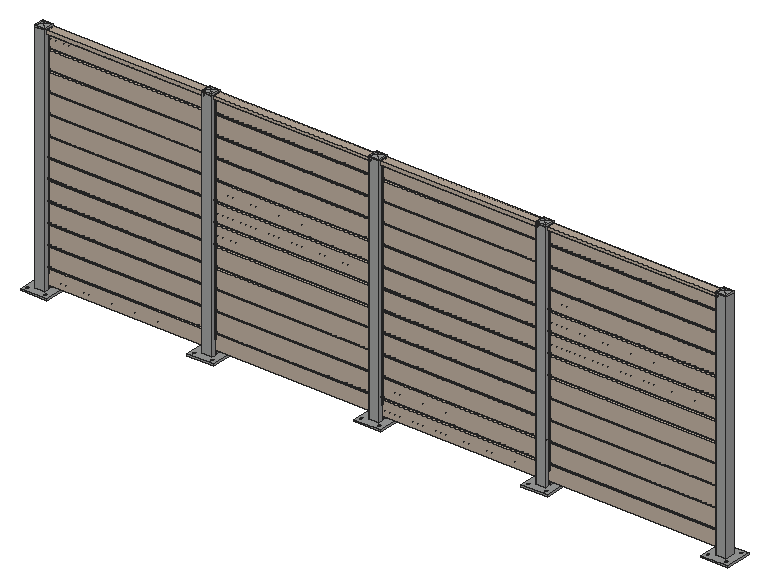
Revit family "Palmshield-Mercury-Solid-Aluminum-Array", category Specialty Equipment, Revit 2024
Family settings
  Round Connector Dimension = Use Diameter
  Part Type = Normal
  OmniClass Number = 23.55.00.00
  OmniClass Title = Manufactured Structures
  Enable Cutting in Views = No
  Cut with Voids When Loaded = No
  Maintain Annotation Orientation = No
  Shared = No
  Room Calculation Point = No
Parameters (values of type "Assembly")
  Warranty URL = "https://palmshieldlouvers.com/wp-content/uploads/2020/01/PalmSHIELD-Warranty-NO-SIGN-LINE.pdf"
  Version = "2020 - v1.0a"  # constant formula
  URL = "https://palmshieldlouvers.com/"
  Type Comments = ""
  Right Post UP [instance] = yes
  Right Post Position [instance] = 3
  Right Post Description [instance] = if(Right Post Position = 1, "Middle Post", if(Right Post Position = 2, "Corner Post", if(Right Post Position = 3, "End Post", "Not a Valid Option")))  # "End Post"
  Right Post DOWN [instance] = not(Right Post UP)  # no
  Left Post UP [instance] = yes
  Left Post Position [instance] = 3
  Left Post DOWN [instance] = not(Left Post UP)  # no
  C Left Post Position [instance] = if(and(Left Post UP, Left Post Position = 2), 3, if(and(Left Post DOWN, Left Post Position = 2), 4, if(Left Post Position = 3, 2, Left Post Position)))  # 2
  Left Post Description [instance] = if(Left Post Position = 1, "Middle Post", if(Left Post Position = 2, "Corner Post", if(Left Post Position = 3, "End Post", "Not a Valid Option")))  # "End Post"
  Left Post [instance] = yes
  Product Page URL = "https://palmshieldlouvers.com/products/augustus-solid/"
  Product Documentation Link = "https://palmshieldlouvers.com/wp-content/uploads/2020/05/PalmSHIELD-Solid-Composite-Technical-Data-Sheet.pdf"
  Post Finish = Metal - PalmSHIELD - Dusty Grey
  Panel Width [instance] = if(Desired Panel Width > C Max Panel Width, C Max Panel Width, if(Desired Panel Width < C Min Panel Width, C Min Panel Width, Desired Panel Width))  # 4' - 0"
  Panel Height [instance] = if(Desired Panel Height > C Max Panel Height, C Max Panel Height, if(Desired Panel Height < C Min Panel Height, C Min Panel Height, Desired Panel Height))  # 6' - 0"
  Model = "Augustus - Aluminum"  # constant formula
  Manufacturer Phone Number = "531-329-4406 "  # constant formula
  Manufacturer Email = "mailto: info@palmshieldlouvers.com"
  Manufacturer Address = "12330 Cary Circle, La Vista, NE 68128"  # constant formula
  Manufacturer = "PalmSHIELD"  # constant formula
  Louver Finsh = Metal - PalmSHIELD - Grey Beige
  Keynote = "05 10 00"
  Instruction Sheet Link = "https://palmshieldlouvers.com/wp-content/uploads/2020/01/PalmSHIELD-Post-Panel-Gate-Installation-Instructions-REV-1.pdf"
  ID [instance] = "Not Assigned"
  Frame Finish = Metal - PalmSHIELD - Dusty Grey
  Filler Panel [instance] = yes
  C Right Post Position [instance] = if(and(Right Post UP, Right Post Position = 2), 3, if(and(Right Post DOWN, Right Post Position = 2), 4, if(Right Post Position = 3, 2, Right Post Position)))  # 2
  Right Post [instance] = yes
  Desired Panel Width [instance] = 4' - 0"
  Desired Panel Height [instance] = 6' - 0"
  Real Length [instance] = if(system length 1 < (C Post Width + C Min Panel Width), (C Post Width + C Min Panel Width), system length 1)  # 17' - 4"
  Description = "Augustus - Aluminum - Panel Assembly"  # constant formula
  system length 1 [instance] = 17' - 4"
  Copyright = "Copyright ©2024 The American Fence Company and PalmSHIELD. All Rights Reserved."  # constant formula
  Component Name [instance] = "Augustus - Aluminum - Panel Assembly"  # constant formula
  C Single Post [instance] = if(C Condition Double, 1 = 1, if(and(Right Post, C Condition Single), 1 = 1, 1 = 0))  # no
  C Single Panel [instance] = or(C Condition Double, C Condition Single)  # no
  C Post Width [instance] = 0' - 3"  # constant formula
  C Multiple Post [instance] = (C Condition Multiple)  # yes
  C Multiple Panels [instance] = (C Condition Multiple)  # yes
  C Min Panel Width [instance] = 4' - 0"  # constant formula
  C Min Panel Height [instance] = C Min Panel Width  # 4' - 0"
  C Max Panel Width [instance] = 6' - 0"  # constant formula
  C Max Panel Height [instance] = 8' - 0"  # constant formula
  C Filler Post [instance] = and(not(C Condition Single), Filler Panel, Right Post, or(C Filler Panel Width = C Min Panel Width, C Filler Panel Width > C Min Panel Width))  # yes
  C Filler Panel Width Calculated [instance] = Real Length - C Calculated Total Length - Panel Width - C Post Width  # 4' - 4"
  C Filler Panel Width [instance] = if(C Filler Panel Width Calculated < C Min Panel Width, C Min Panel Width, if(C Filler Panel Width Calculated > C Max Panel Width, C Max Panel Width, C Filler Panel Width Calculated))  # 4' - 4"
  C Filler Panel [instance] = and(not(C Condition Single), Filler Panel, or(C Filler Panel Width = C Min Panel Width, C Filler Panel Width > C Min Panel Width))  # yes
  C Condition Single [instance] = C Array Count < 1  # no
  C Condition Multiple [instance] = C Array Count > 1  # yes
  C Condition Double [instance] = C Array Count = 1  # no
  C Complete Post [instance] = and(not(C Condition Single), not(Filler Panel), Right Post)  # no
  C Complete Panel [instance] = and(not(C Condition Single), not(Filler Panel))  # no
  C Calculated Total Length [instance] = if(C Array Count < 1, 0' 0", if(C Array Count = 1, C Post Width, Panel Width * (C Array Safe - 1) + C Post Width * (C Array Safe)))  # 8' - 9"
  C Calculated Filler Panel Length [instance] = if(C Array Count < 1, 0' 0", if(or(C Array Count = 2, C Array Count = 1), C Post Width, if(Filler Panel, (C Calculated Total Length - C Post Width - C Filler Panel Width), (C Calculated Total Length - C Post Width - Panel Width))))  # 4' - 2"
  C Array Safe [instance] = if(C Array Count < 2, 2, C Array Count)  # 3
  C Array Count [instance] = if(Filler Panel, roundup(((Real Length - C Min Panel Width) / (Panel Width + C Post Width)) - 1), roundup(((Real Length - (Panel Width)) / (Panel Width + C Post Width)) - 1))  # 3
  Assembly Code = "F1020100"
Reference planes (in)
  plane 1 "Center (Front/Back)": y = 0
  plane 2: z = 0
  plane 3 "Left": x = 0
  plane 4 "Right": x = 208
  plane 5 "Top": z = 72
  plane 6: x = 48
  plane 7: x = 51
  plane 8: x = 99
  plane 9: x = 102
  plane 10: x = -3
  plane 11: x = 153
  plane 12: x = 47
  plane 13: x = 205
  plane 14: x = 201
  plane 15: x = -1.5
  plane 16: x = 208
  plane 17: x = 206.5
  plane 18: x = 202.5
  plane 19: x = 204
  plane 20: x = 49.5
  plane 21: x = 100.5
  plane 22: y = -1.5
  plane 23: y = 1.5
Lines and regions (in)
  reference lines
    curve 1: line (0, 0, 0) -> (208, 0, 0)
Dimensions and locks (in)
  "system length 1": plane 3 "Left" to plane 4 "Right"
  "Panel Width": plane 6 to plane 3 "Left"
  "C Post Width": plane 7 to plane 6
  "Panel Width": plane 8 to plane 7
  "C Post Width": plane 9 to plane 8
  "C Post Width": plane 3 "Left" to plane 10
  "C Calculated Filler Panel Length": plane 12 to plane 10
  "C Filler Panel Width": plane 13 to plane 11
  "Panel Width": plane 14 to plane 11
  "C Calculated Total Length": plane 11 to plane 6
  equal spacing: plane 10, plane 15, plane 3 "Left"
  equal spacing: plane 16, plane 17, plane 13
  "C Post Width": plane 16 to plane 13
  equal spacing: plane 19, plane 18, plane 14
  "C Post Width": plane 19 to plane 14
  equal spacing: plane 9, plane 21, plane 8
  equal spacing: plane 7, plane 20, plane 6
  equal spacing: plane 22, plane 1 "Center (Front/Back)", plane 23
  "C Post Width": plane 22 to plane 23
  "Panel Height": plane 5 "Top" to level
  equal spacing: group 1, group 2, group 3  (x3)
  equal spacing: group 4, group 5, group 6  (x3)
  aligned and locked: plane 4 "Right" to curve 1
  aligned and locked: plane 1 "Center (Front/Back)" to curve 1
  aligned and locked: plane 3 "Left" to curve 1
  aligned and locked: level to plane 2
  aligned and locked: plane 3 "Left" to nested 1
  aligned and locked: nested 3 to plane 14
  aligned and locked: plane 1 "Center (Front/Back)" to nested 5
  aligned and locked: plane 1 "Center (Front/Back)" to nested 4
  aligned and locked: plane 1 "Center (Front/Back)" to nested 7
  aligned and locked: plane 17 to nested 5
  aligned and locked: plane 18 to nested 4
  aligned and locked: plane 20 to nested 7
  aligned and locked: plane 15 to nested 8
  aligned and locked: nested 8 to plane 1 "Center (Front/Back)"
  aligned and locked: plane 1 "Center (Front/Back)" to nested 6
  aligned and locked: plane 3 "Left" to nested 6
  aligned and locked: plane 11 to nested 2
  aligned and locked: plane 1 "Center (Front/Back)" to nested 2
  aligned and locked: plane 7 to nested 11
  aligned and locked: plane 1 "Center (Front/Back)" to nested 11
  aligned and locked: plane 1 "Center (Front/Back)" to nested 1
  aligned and locked: plane 1 "Center (Front/Back)" to nested 3
  aligned and locked: nested 69 to plane 1 "Center (Front/Back)"
  aligned and locked: plane 20 to nested 69
  aligned and locked: nested 73 to plane 1 "Center (Front/Back)"
  aligned and locked: plane 21 to nested 73
Nested families (in)
  nested 1: "Screening-Louver-Assembly-Panel-Palmshield-Mercury_Economic-Solid-Aluminum" at (0, 0, 0), Desired Overall Height <- "Panel Height", Desired Overall Width <- "Panel Width", visible <- "C Single Panel", Component Vis <- "C Single Panel", ID <- "ID", type ""
    with Width 4' - 0", ID "Not Assigned", Height 6' - 0", Desired Overall Width 4' - 0", Desired Overall Height 6' - 0", Desired Bottom Angle 0.00°, Component Vis no, Component Name "Mercury Economic Solid - Aluminum - Panel Assembly", C Min Width 4' - 0", C Min Height 4' - 0", C Max Width 6' - 0", C Max Height 8' - 0", C Angle 0.00°
  nested 2: "Screening-Louver-Assembly-Panel-Palmshield-Mercury_Economic-Solid-Aluminum" at (153, 0, 0), Desired Overall Height <- "Panel Height", Desired Overall Width <- "C Filler Panel Width", visible <- "C Filler Panel", Component Vis <- "C Filler Panel", ID <- "ID", type ""
    with Width 4' - 4", ID "Not Assigned", Height 6' - 0", Desired Overall Width 4' - 4", Desired Overall Height 6' - 0", Desired Bottom Angle 0.00°, Component Vis yes, Component Name "Mercury Economic Solid - Aluminum - Panel Assembly", C Min Width 4' - 0", C Min Height 4' - 0", C Max Width 6' - 0", C Max Height 8' - 0", C Angle 0.00°
  nested 3: "Screening-Louver-Assembly-Panel-Palmshield-Mercury_Economic-Solid-Aluminum" at (153, 0, 0), Desired Overall Height <- "Panel Height", Desired Overall Width <- "Panel Width", visible <- "C Complete Panel", Component Vis <- "C Complete Panel", ID <- "ID", type ""
    with Width 4' - 0", ID "Not Assigned", Height 6' - 0", Desired Overall Width 4' - 0", Desired Overall Height 6' - 0", Desired Bottom Angle 0.00°, Component Vis no, Component Name "Mercury Economic Solid - Aluminum - Panel Assembly", C Min Width 4' - 0", C Min Height 4' - 0", C Max Width 6' - 0", C Max Height 8' - 0", C Angle 0.00°
  nested 4: "Screening-Louver-Assembly-Post-Palmshield-Mercury_Economic-Solid" at (202.5, 0, 0), Desired Overall Height <- "Panel Height", visible <- "C Complete Post", Component Vis <- "C Complete Post", ID <- "ID", type ""
    with Post Position 1, ID "Not Assigned", Height 6' - 0", Desired Overall Height 6' - 0", Component Vis no, Component Name "Mercury Economic Solid - Aluminum - Square Post", C Min Height 3' - 4", C Max Height 8' - 0"
  nested 5: "Screening-Louver-Assembly-Post-Palmshield-Mercury_Economic-Solid" at (206.5, 0, 0), Desired Overall Height <- "Panel Height", visible <- "C Filler Post", Component Vis <- "C Filler Post", ID <- "ID", Post Position <- "C Right Post Position", type ""
    with Post Position 2, ID "Not Assigned", Height 6' - 0", Desired Overall Height 6' - 0", Component Vis yes, Component Name "Mercury Economic Solid - Aluminum - Square Post", C Min Height 3' - 4", C Max Height 8' - 0"
  nested 6: "Screening-Louver-Assembly-Panel-Palmshield-Mercury_Economic-Solid-Aluminum" at (0, 0, 0), Desired Overall Height <- "Panel Height", Desired Overall Width <- "Panel Width", visible <- "C Multiple Panels", Component Vis <- "C Multiple Panels", ID <- "ID", type "Assembly"
    with Width 4' - 0", ID "Not Assigned", Height 6' - 0", Desired Overall Width 4' - 0", Desired Overall Height 6' - 0", Desired Bottom Angle 0.00°, Component Vis yes, Component Name "Mercury Economic Solid - Aluminum - Panel Assembly", C Min Width 4' - 0", C Min Height 4' - 0", C Max Width 6' - 0", C Max Height 8' - 0", C Angle 0.00°
  nested 7: "Screening-Louver-Assembly-Post-Palmshield-Mercury_Economic-Solid" at (49.5, 0, 0), Desired Overall Height <- "Panel Height", visible <- "C Single Post", Component Vis <- "C Single Post", ID <- "ID", type ""
    with Post Position 1, ID "Not Assigned", Height 6' - 0", Desired Overall Height 6' - 0", Component Vis no, Component Name "Mercury Economic Solid - Aluminum - Square Post", C Min Height 3' - 4", C Max Height 8' - 0"
  nested 8: "Screening-Louver-Assembly-Post-Palmshield-Mercury_Economic-Solid" at (-1.5, 0, 0) x (-1, 0, 0) z (0, 0, 1), Desired Overall Height <- "Panel Height", visible <- "Left Post", Component Vis <- "Left Post", ID <- "ID", type ""
    with Post Position 1, ID "Not Assigned", Height 6' - 0", Desired Overall Height 6' - 0", Component Vis yes, Component Name "Mercury Economic Solid - Aluminum - Square Post", C Min Height 3' - 4", C Max Height 8' - 0"
  nested 9: "Nested-Base_Plate-Palmshield-Mercury_Economic-Solid-Vinyl" at (-1.5, 0, 0) x (-1, 0, 0) z (0, 0, 1), type ""
    with Material Metal - PalmSHIELD - Dusty Grey, ID "Not Assigned", Component Name "Mercury Economic Solid - Aluminum - Base Plate"
  nested 10: "Nested-Top_Cap-Palmshield-Mercury_Economic-Solid-Vinyl" at (-1.5, 0, 72) x (-1, 0, 0) z (0, 0, 1), type ""
    with Material Metal - PalmSHIELD - Dusty Grey, ID "Not Assigned", Component Name "Mercury Economic Solid - Aluminum - Top Cap"
  nested 11: "Screening-Louver-Assembly-Panel-Palmshield-Mercury_Economic-Solid-Aluminum" at (51, 0, 0), Desired Overall Height <- "Panel Height", Desired Overall Width <- "Panel Width", visible <- "C Multiple Panels", Component Vis <- "C Multiple Panels", ID <- "ID", type "Assembly"
    with Width 4' - 0", ID "Not Assigned", Height 6' - 0", Desired Overall Width 4' - 0", Desired Overall Height 6' - 0", Desired Bottom Angle 0.00°, Component Vis yes, Component Name "Mercury Economic Solid - Aluminum - Panel Assembly", C Min Width 4' - 0", C Min Height 4' - 0", C Max Width 6' - 0", C Max Height 8' - 0", C Angle 0.00°
  nested 12: "Nested-Louvers-Palmshield-Mercury_Economic-Solid-Aluminum" at (50.5, 0, 6.625) x (0, 1, 0) z (1, 0, 0), type ""
    with Material Metal - PalmSHIELD - Grey Beige, Length 4' - 1", ID "Not Assigned", Field Cut no, Desired Cut Distance 0' - 1 3/4", Component Name "Mercury Economic Solid - Aluminum - Louvers", C Cut Distance 0' - 0 3/4"
  nested 13: "Nested-Louvers-Palmshield-Mercury_Economic-Solid-Aluminum" at (50.5, 0, 36.625) x (0, 1, 0) z (1, 0, 0), type ""
    with Material Metal - PalmSHIELD - Grey Beige, Length 4' - 1", ID "Not Assigned", Field Cut no, Desired Cut Distance 0' - 1 3/4", Component Name "Mercury Economic Solid - Aluminum - Louvers", C Cut Distance 0' - 0 3/4"
  nested 14: "Nested-Louvers-Palmshield-Mercury_Economic-Solid-Aluminum" at (50.5, 0, 42.625) x (0, 1, 0) z (1, 0, 0), type ""
    with Material Metal - PalmSHIELD - Grey Beige, Length 4' - 1", ID "Not Assigned", Field Cut no, Desired Cut Distance 0' - 1 3/4", Component Name "Mercury Economic Solid - Aluminum - Louvers", C Cut Distance 0' - 0 3/4"
  nested 15: "Nested-Louvers-Palmshield-Mercury_Economic-Solid-Aluminum" at (50.5, 0, 48.625) x (0, 1, 0) z (1, 0, 0), type ""
    with Material Metal - PalmSHIELD - Grey Beige, Length 4' - 1", ID "Not Assigned", Field Cut no, Desired Cut Distance 0' - 1 3/4", Component Name "Mercury Economic Solid - Aluminum - Louvers", C Cut Distance 0' - 0 3/4"
  nested 16: "Nested-Louvers-Palmshield-Mercury_Economic-Solid-Aluminum" at (50.5, 0, 54.625) x (0, 1, 0) z (1, 0, 0), type ""
    with Material Metal - PalmSHIELD - Grey Beige, Length 4' - 1", ID "Not Assigned", Field Cut no, Desired Cut Distance 0' - 1 3/4", Component Name "Mercury Economic Solid - Aluminum - Louvers", C Cut Distance 0' - 0 3/4"
  nested 17: "Nested-Louvers-Palmshield-Mercury_Economic-Solid-Aluminum" at (50.5, 0, 60.625) x (0, 1, 0) z (1, 0, 0), type ""
    with Material Metal - PalmSHIELD - Grey Beige, Length 4' - 1", ID "Not Assigned", Field Cut no, Desired Cut Distance 0' - 1 3/4", Component Name "Mercury Economic Solid - Aluminum - Louvers", C Cut Distance 0' - 0 3/4"
  nested 18: "Nested-U_Channel-Palmshield-Mercury_Economic-Solid-Aluminum" at (50.5, 0, 72) x (0, 1, 0) z (1, 0, 0), type ""
    with Material Metal - PalmSHIELD - Grey Beige, Length 4' - 1", ID "Not Assigned", Component Name "Mercury Economic Solid - Aluminum - U Channel"
  nested 19: "Nested-Louvers-Palmshield-Mercury_Economic-Solid-Aluminum" at (50.5, 0, 66.625) x (0, 1, 0) z (1, 0, 0), type ""
    with Material Metal - PalmSHIELD - Grey Beige, Length 4' - 1", ID "Not Assigned", Field Cut yes, Desired Cut Distance 0' - 2 5/8", Component Name "Mercury Economic Solid - Aluminum - Louvers", C Cut Distance 0' - 2 5/8"
  nested 20: "Nested-Louvers-Palmshield-Mercury_Economic-Solid-Aluminum" at (50.5, 0, 6.625) x (0, -1, 0) z (1, 0, 0), type ""
    with Material Metal - PalmSHIELD - Grey Beige, Length 4' - 1", ID "Not Assigned", Field Cut yes, Desired Cut Distance 0' - 2 3/8", Component Name "Mercury Economic Solid - Aluminum - Louvers", C Cut Distance 0' - 2 3/8"
  nested 21: "Nested-Louvers-Palmshield-Mercury_Economic-Solid-Aluminum" at (-0.5, 0, 6.625) x (0, 1, 0) z (1, 0, 0), type ""
    with Material Metal - PalmSHIELD - Grey Beige, Length 4' - 1", ID "Not Assigned", Field Cut no, Desired Cut Distance 0' - 1 3/4", Component Name "Mercury Economic Solid - Aluminum - Louvers", C Cut Distance 0' - 0 3/4"
  nested 22: "Nested-Louvers-Palmshield-Mercury_Economic-Solid-Aluminum" at (-0.5, 0, 36.625) x (0, 1, 0) z (1, 0, 0), type ""
    with Material Metal - PalmSHIELD - Grey Beige, Length 4' - 1", ID "Not Assigned", Field Cut no, Desired Cut Distance 0' - 1 3/4", Component Name "Mercury Economic Solid - Aluminum - Louvers", C Cut Distance 0' - 0 3/4"
  nested 23: "Nested-Louvers-Palmshield-Mercury_Economic-Solid-Aluminum" at (-0.5, 0, 42.625) x (0, 1, 0) z (1, 0, 0), type ""
    with Material Metal - PalmSHIELD - Grey Beige, Length 4' - 1", ID "Not Assigned", Field Cut no, Desired Cut Distance 0' - 1 3/4", Component Name "Mercury Economic Solid - Aluminum - Louvers", C Cut Distance 0' - 0 3/4"
  nested 24: "Nested-Louvers-Palmshield-Mercury_Economic-Solid-Aluminum" at (-0.5, 0, 48.625) x (0, 1, 0) z (1, 0, 0), type ""
    with Material Metal - PalmSHIELD - Grey Beige, Length 4' - 1", ID "Not Assigned", Field Cut no, Desired Cut Distance 0' - 1 3/4", Component Name "Mercury Economic Solid - Aluminum - Louvers", C Cut Distance 0' - 0 3/4"
  nested 25: "Nested-Louvers-Palmshield-Mercury_Economic-Solid-Aluminum" at (-0.5, 0, 54.625) x (0, 1, 0) z (1, 0, 0), type ""
    with Material Metal - PalmSHIELD - Grey Beige, Length 4' - 1", ID "Not Assigned", Field Cut no, Desired Cut Distance 0' - 1 3/4", Component Name "Mercury Economic Solid - Aluminum - Louvers", C Cut Distance 0' - 0 3/4"
  nested 26: "Nested-Louvers-Palmshield-Mercury_Economic-Solid-Aluminum" at (-0.5, 0, 60.625) x (0, 1, 0) z (1, 0, 0), type ""
    with Material Metal - PalmSHIELD - Grey Beige, Length 4' - 1", ID "Not Assigned", Field Cut no, Desired Cut Distance 0' - 1 3/4", Component Name "Mercury Economic Solid - Aluminum - Louvers", C Cut Distance 0' - 0 3/4"
  nested 27: "Nested-U_Channel-Palmshield-Mercury_Economic-Solid-Aluminum" at (-0.5, 0, 72) x (0, 1, 0) z (1, 0, 0), type ""
    with Material Metal - PalmSHIELD - Grey Beige, Length 4' - 1", ID "Not Assigned", Component Name "Mercury Economic Solid - Aluminum - U Channel"
  nested 28: "Nested-Louvers-Palmshield-Mercury_Economic-Solid-Aluminum" at (-0.5, 0, 66.625) x (0, 1, 0) z (1, 0, 0), type ""
    with Material Metal - PalmSHIELD - Grey Beige, Length 4' - 1", ID "Not Assigned", Field Cut yes, Desired Cut Distance 0' - 2 5/8", Component Name "Mercury Economic Solid - Aluminum - Louvers", C Cut Distance 0' - 2 5/8"
  nested 29: "Nested-Louvers-Palmshield-Mercury_Economic-Solid-Aluminum" at (-0.5, 0, 6.625) x (0, -1, 0) z (1, 0, 0), type ""
    with Material Metal - PalmSHIELD - Grey Beige, Length 4' - 1", ID "Not Assigned", Field Cut yes, Desired Cut Distance 0' - 2 3/8", Component Name "Mercury Economic Solid - Aluminum - Louvers", C Cut Distance 0' - 2 3/8"
  nested 30: "Nested-Louvers-Palmshield-Mercury_Economic-Solid-Aluminum" at (152.5, 0, 6.625) x (0, 1, 0) z (1, 0, 0), type ""
    with Material Metal - PalmSHIELD - Grey Beige, Length 4' - 5", ID "Not Assigned", Field Cut no, Desired Cut Distance 0' - 1 3/4", Component Name "Mercury Economic Solid - Aluminum - Louvers", C Cut Distance 0' - 0 3/4"
  nested 31: "Nested-Louvers-Palmshield-Mercury_Economic-Solid-Aluminum" at (152.5, 0, 36.625) x (0, 1, 0) z (1, 0, 0), type ""
    with Material Metal - PalmSHIELD - Grey Beige, Length 4' - 5", ID "Not Assigned", Field Cut no, Desired Cut Distance 0' - 1 3/4", Component Name "Mercury Economic Solid - Aluminum - Louvers", C Cut Distance 0' - 0 3/4"
  nested 32: "Nested-Louvers-Palmshield-Mercury_Economic-Solid-Aluminum" at (152.5, 0, 42.625) x (0, 1, 0) z (1, 0, 0), type ""
    with Material Metal - PalmSHIELD - Grey Beige, Length 4' - 5", ID "Not Assigned", Field Cut no, Desired Cut Distance 0' - 1 3/4", Component Name "Mercury Economic Solid - Aluminum - Louvers", C Cut Distance 0' - 0 3/4"
  nested 33: "Nested-Louvers-Palmshield-Mercury_Economic-Solid-Aluminum" at (152.5, 0, 48.625) x (0, 1, 0) z (1, 0, 0), type ""
    with Material Metal - PalmSHIELD - Grey Beige, Length 4' - 5", ID "Not Assigned", Field Cut no, Desired Cut Distance 0' - 1 3/4", Component Name "Mercury Economic Solid - Aluminum - Louvers", C Cut Distance 0' - 0 3/4"
  nested 34: "Nested-Louvers-Palmshield-Mercury_Economic-Solid-Aluminum" at (152.5, 0, 54.625) x (0, 1, 0) z (1, 0, 0), type ""
    with Material Metal - PalmSHIELD - Grey Beige, Length 4' - 5", ID "Not Assigned", Field Cut no, Desired Cut Distance 0' - 1 3/4", Component Name "Mercury Economic Solid - Aluminum - Louvers", C Cut Distance 0' - 0 3/4"
  nested 35: "Nested-Louvers-Palmshield-Mercury_Economic-Solid-Aluminum" at (152.5, 0, 60.625) x (0, 1, 0) z (1, 0, 0), type ""
    with Material Metal - PalmSHIELD - Grey Beige, Length 4' - 5", ID "Not Assigned", Field Cut no, Desired Cut Distance 0' - 1 3/4", Component Name "Mercury Economic Solid - Aluminum - Louvers", C Cut Distance 0' - 0 3/4"
  nested 36: "Nested-U_Channel-Palmshield-Mercury_Economic-Solid-Aluminum" at (152.5, 0, 72) x (0, 1, 0) z (1, 0, 0), type ""
    with Material Metal - PalmSHIELD - Grey Beige, Length 4' - 5", ID "Not Assigned", Component Name "Mercury Economic Solid - Aluminum - U Channel"
  nested 37: "Nested-Louvers-Palmshield-Mercury_Economic-Solid-Aluminum" at (152.5, 0, 66.625) x (0, 1, 0) z (1, 0, 0), type ""
    with Material Metal - PalmSHIELD - Grey Beige, Length 4' - 5", ID "Not Assigned", Field Cut yes, Desired Cut Distance 0' - 2 5/8", Component Name "Mercury Economic Solid - Aluminum - Louvers", C Cut Distance 0' - 2 5/8"
  nested 38: "Nested-Louvers-Palmshield-Mercury_Economic-Solid-Aluminum" at (152.5, 0, 6.625) x (0, -1, 0) z (1, 0, 0), type ""
    with Material Metal - PalmSHIELD - Grey Beige, Length 4' - 5", ID "Not Assigned", Field Cut yes, Desired Cut Distance 0' - 2 3/8", Component Name "Mercury Economic Solid - Aluminum - Louvers", C Cut Distance 0' - 2 3/8"
  nested 39: "Nested-Base_Plate-Palmshield-Mercury_Economic-Solid-Vinyl" at (206.5, 0, 0), type ""
    with Material Metal - PalmSHIELD - Dusty Grey, ID "Not Assigned", Component Name "Mercury Economic Solid - Aluminum - Base Plate"
  nested 40: "Nested-Top_Cap-Palmshield-Mercury_Economic-Solid-Vinyl" at (206.5, 0, 72), type ""
    with Material Metal - PalmSHIELD - Dusty Grey, ID "Not Assigned", Component Name "Mercury Economic Solid - Aluminum - Top Cap"
  nested 41: "Screening-Louver-Assembly-Panel-Palmshield-Mercury_Economic-Solid-Aluminum" at (102, 0, 0), Desired Overall Height <- "Panel Height", Desired Overall Width <- "Panel Width", visible <- "C Multiple Panels", Component Vis <- "C Multiple Panels", ID <- "ID", type "Assembly"
    with Width 4' - 0", ID "Not Assigned", Height 6' - 0", Desired Overall Width 4' - 0", Desired Overall Height 6' - 0", Desired Bottom Angle 0.00°, Component Vis yes, Component Name "Mercury Economic Solid - Aluminum - Panel Assembly", C Min Width 4' - 0", C Min Height 4' - 0", C Max Width 6' - 0", C Max Height 8' - 0", C Angle 0.00°
  nested 42: "Nested-Louvers-Palmshield-Mercury_Economic-Solid-Aluminum" at (101.5, 0, 6.625) x (0, 1, 0) z (1, 0, 0), type ""
    with Material Metal - PalmSHIELD - Grey Beige, Length 4' - 1", ID "Not Assigned", Field Cut no, Desired Cut Distance 0' - 1 3/4", Component Name "Mercury Economic Solid - Aluminum - Louvers", C Cut Distance 0' - 0 3/4"
  nested 43: "Nested-Louvers-Palmshield-Mercury_Economic-Solid-Aluminum" at (101.5, 0, 36.625) x (0, 1, 0) z (1, 0, 0), type ""
    with Material Metal - PalmSHIELD - Grey Beige, Length 4' - 1", ID "Not Assigned", Field Cut no, Desired Cut Distance 0' - 1 3/4", Component Name "Mercury Economic Solid - Aluminum - Louvers", C Cut Distance 0' - 0 3/4"
  nested 44: "Nested-Louvers-Palmshield-Mercury_Economic-Solid-Aluminum" at (101.5, 0, 42.625) x (0, 1, 0) z (1, 0, 0), type ""
    with Material Metal - PalmSHIELD - Grey Beige, Length 4' - 1", ID "Not Assigned", Field Cut no, Desired Cut Distance 0' - 1 3/4", Component Name "Mercury Economic Solid - Aluminum - Louvers", C Cut Distance 0' - 0 3/4"
  nested 45: "Nested-Louvers-Palmshield-Mercury_Economic-Solid-Aluminum" at (101.5, 0, 48.625) x (0, 1, 0) z (1, 0, 0), type ""
    with Material Metal - PalmSHIELD - Grey Beige, Length 4' - 1", ID "Not Assigned", Field Cut no, Desired Cut Distance 0' - 1 3/4", Component Name "Mercury Economic Solid - Aluminum - Louvers", C Cut Distance 0' - 0 3/4"
  nested 46: "Nested-Louvers-Palmshield-Mercury_Economic-Solid-Aluminum" at (101.5, 0, 54.625) x (0, 1, 0) z (1, 0, 0), type ""
    with Material Metal - PalmSHIELD - Grey Beige, Length 4' - 1", ID "Not Assigned", Field Cut no, Desired Cut Distance 0' - 1 3/4", Component Name "Mercury Economic Solid - Aluminum - Louvers", C Cut Distance 0' - 0 3/4"
  nested 47: "Nested-Louvers-Palmshield-Mercury_Economic-Solid-Aluminum" at (101.5, 0, 60.625) x (0, 1, 0) z (1, 0, 0), type ""
    with Material Metal - PalmSHIELD - Grey Beige, Length 4' - 1", ID "Not Assigned", Field Cut no, Desired Cut Distance 0' - 1 3/4", Component Name "Mercury Economic Solid - Aluminum - Louvers", C Cut Distance 0' - 0 3/4"
  nested 48: "Nested-U_Channel-Palmshield-Mercury_Economic-Solid-Aluminum" at (101.5, 0, 72) x (0, 1, 0) z (1, 0, 0), type ""
    with Material Metal - PalmSHIELD - Grey Beige, Length 4' - 1", ID "Not Assigned", Component Name "Mercury Economic Solid - Aluminum - U Channel"
  nested 49: "Nested-Louvers-Palmshield-Mercury_Economic-Solid-Aluminum" at (101.5, 0, 66.625) x (0, 1, 0) z (1, 0, 0), type ""
    with Material Metal - PalmSHIELD - Grey Beige, Length 4' - 1", ID "Not Assigned", Field Cut yes, Desired Cut Distance 0' - 2 5/8", Component Name "Mercury Economic Solid - Aluminum - Louvers", C Cut Distance 0' - 2 5/8"
  nested 50: "Nested-Louvers-Palmshield-Mercury_Economic-Solid-Aluminum" at (101.5, 0, 6.625) x (0, -1, 0) z (1, 0, 0), type ""
    with Material Metal - PalmSHIELD - Grey Beige, Length 4' - 1", ID "Not Assigned", Field Cut yes, Desired Cut Distance 0' - 2 3/8", Component Name "Mercury Economic Solid - Aluminum - Louvers", C Cut Distance 0' - 2 3/8"
  nested 51: "Nested-Square_Post-Palmshield-Mercury_Economic-Solid-Vinyl" at (206.5, 0, 0.5), type ""
    with Post Position 2, Middle Post no, Material Metal - PalmSHIELD - Dusty Grey, Length 5' - 11 1/2", ID "", End Post yes, Corner Post Up no, Corner Post Down no, Component Name "Mercury Economic Solid - Aluminum - Post"
  nested 52: "Nested-Square_Post-Palmshield-Mercury_Economic-Solid-Vinyl" at (-1.5, 0, 0.5) x (-1, 0, 0) z (0, 0, 1), type ""
    with Post Position 1, Middle Post yes, Material Metal - PalmSHIELD - Dusty Grey, Length 5' - 11 1/2", ID "", End Post no, Corner Post Up no, Corner Post Down no, Component Name "Mercury Economic Solid - Aluminum - Post"
  nested 53: "Nested-Louvers-Palmshield-Mercury_Economic-Solid-Aluminum" at (152.5, 0, 12.625) x (0, 1, 0) z (1, 0, 0), type ""
    with Material Metal - PalmSHIELD - Grey Beige, Length 4' - 5", ID "Not Assigned", Field Cut no, Desired Cut Distance 0' - 1 3/4", Component Name "Mercury Economic Solid - Aluminum - Louvers", C Cut Distance 0' - 0 3/4"
  nested 54: "Nested-Louvers-Palmshield-Mercury_Economic-Solid-Aluminum" at (152.5, 0, 18.625) x (0, 1, 0) z (1, 0, 0), type ""
    with Material Metal - PalmSHIELD - Grey Beige, Length 4' - 5", ID "Not Assigned", Field Cut no, Desired Cut Distance 0' - 1 3/4", Component Name "Mercury Economic Solid - Aluminum - Louvers", C Cut Distance 0' - 0 3/4"
  nested 55: "Nested-Louvers-Palmshield-Mercury_Economic-Solid-Aluminum" at (152.5, 0, 24.625) x (0, 1, 0) z (1, 0, 0), type ""
    with Material Metal - PalmSHIELD - Grey Beige, Length 4' - 5", ID "Not Assigned", Field Cut no, Desired Cut Distance 0' - 1 3/4", Component Name "Mercury Economic Solid - Aluminum - Louvers", C Cut Distance 0' - 0 3/4"
  nested 56: "Nested-Louvers-Palmshield-Mercury_Economic-Solid-Aluminum" at (152.5, 0, 30.625) x (0, 1, 0) z (1, 0, 0), type ""
    with Material Metal - PalmSHIELD - Grey Beige, Length 4' - 5", ID "Not Assigned", Field Cut no, Desired Cut Distance 0' - 1 3/4", Component Name "Mercury Economic Solid - Aluminum - Louvers", C Cut Distance 0' - 0 3/4"
  nested 57: "Nested-Louvers-Palmshield-Mercury_Economic-Solid-Aluminum" at (-0.5, 0, 12.625) x (0, 1, 0) z (1, 0, 0), type ""
    with Material Metal - PalmSHIELD - Grey Beige, Length 4' - 1", ID "Not Assigned", Field Cut no, Desired Cut Distance 0' - 1 3/4", Component Name "Mercury Economic Solid - Aluminum - Louvers", C Cut Distance 0' - 0 3/4"
  nested 58: "Nested-Louvers-Palmshield-Mercury_Economic-Solid-Aluminum" at (-0.5, 0, 18.625) x (0, 1, 0) z (1, 0, 0), type ""
    with Material Metal - PalmSHIELD - Grey Beige, Length 4' - 1", ID "Not Assigned", Field Cut no, Desired Cut Distance 0' - 1 3/4", Component Name "Mercury Economic Solid - Aluminum - Louvers", C Cut Distance 0' - 0 3/4"
  nested 59: "Nested-Louvers-Palmshield-Mercury_Economic-Solid-Aluminum" at (-0.5, 0, 24.625) x (0, 1, 0) z (1, 0, 0), type ""
    with Material Metal - PalmSHIELD - Grey Beige, Length 4' - 1", ID "Not Assigned", Field Cut no, Desired Cut Distance 0' - 1 3/4", Component Name "Mercury Economic Solid - Aluminum - Louvers", C Cut Distance 0' - 0 3/4"
  nested 60: "Nested-Louvers-Palmshield-Mercury_Economic-Solid-Aluminum" at (-0.5, 0, 30.625) x (0, 1, 0) z (1, 0, 0), type ""
    with Material Metal - PalmSHIELD - Grey Beige, Length 4' - 1", ID "Not Assigned", Field Cut no, Desired Cut Distance 0' - 1 3/4", Component Name "Mercury Economic Solid - Aluminum - Louvers", C Cut Distance 0' - 0 3/4"
  nested 61: "Nested-Louvers-Palmshield-Mercury_Economic-Solid-Aluminum" at (50.5, 0, 12.625) x (0, 1, 0) z (1, 0, 0), type ""
    with Material Metal - PalmSHIELD - Grey Beige, Length 4' - 1", ID "Not Assigned", Field Cut no, Desired Cut Distance 0' - 1 3/4", Component Name "Mercury Economic Solid - Aluminum - Louvers", C Cut Distance 0' - 0 3/4"
  nested 62: "Nested-Louvers-Palmshield-Mercury_Economic-Solid-Aluminum" at (50.5, 0, 18.625) x (0, 1, 0) z (1, 0, 0), type ""
    with Material Metal - PalmSHIELD - Grey Beige, Length 4' - 1", ID "Not Assigned", Field Cut no, Desired Cut Distance 0' - 1 3/4", Component Name "Mercury Economic Solid - Aluminum - Louvers", C Cut Distance 0' - 0 3/4"
  nested 63: "Nested-Louvers-Palmshield-Mercury_Economic-Solid-Aluminum" at (50.5, 0, 24.625) x (0, 1, 0) z (1, 0, 0), type ""
    with Material Metal - PalmSHIELD - Grey Beige, Length 4' - 1", ID "Not Assigned", Field Cut no, Desired Cut Distance 0' - 1 3/4", Component Name "Mercury Economic Solid - Aluminum - Louvers", C Cut Distance 0' - 0 3/4"
  nested 64: "Nested-Louvers-Palmshield-Mercury_Economic-Solid-Aluminum" at (50.5, 0, 30.625) x (0, 1, 0) z (1, 0, 0), type ""
    with Material Metal - PalmSHIELD - Grey Beige, Length 4' - 1", ID "Not Assigned", Field Cut no, Desired Cut Distance 0' - 1 3/4", Component Name "Mercury Economic Solid - Aluminum - Louvers", C Cut Distance 0' - 0 3/4"
  nested 65: "Nested-Louvers-Palmshield-Mercury_Economic-Solid-Aluminum" at (101.5, 0, 12.625) x (0, 1, 0) z (1, 0, 0), type ""
    with Material Metal - PalmSHIELD - Grey Beige, Length 4' - 1", ID "Not Assigned", Field Cut no, Desired Cut Distance 0' - 1 3/4", Component Name "Mercury Economic Solid - Aluminum - Louvers", C Cut Distance 0' - 0 3/4"
  nested 66: "Nested-Louvers-Palmshield-Mercury_Economic-Solid-Aluminum" at (101.5, 0, 18.625) x (0, 1, 0) z (1, 0, 0), type ""
    with Material Metal - PalmSHIELD - Grey Beige, Length 4' - 1", ID "Not Assigned", Field Cut no, Desired Cut Distance 0' - 1 3/4", Component Name "Mercury Economic Solid - Aluminum - Louvers", C Cut Distance 0' - 0 3/4"
  nested 67: "Nested-Louvers-Palmshield-Mercury_Economic-Solid-Aluminum" at (101.5, 0, 24.625) x (0, 1, 0) z (1, 0, 0), type ""
    with Material Metal - PalmSHIELD - Grey Beige, Length 4' - 1", ID "Not Assigned", Field Cut no, Desired Cut Distance 0' - 1 3/4", Component Name "Mercury Economic Solid - Aluminum - Louvers", C Cut Distance 0' - 0 3/4"
  nested 68: "Nested-Louvers-Palmshield-Mercury_Economic-Solid-Aluminum" at (101.5, 0, 30.625) x (0, 1, 0) z (1, 0, 0), type ""
    with Material Metal - PalmSHIELD - Grey Beige, Length 4' - 1", ID "Not Assigned", Field Cut no, Desired Cut Distance 0' - 1 3/4", Component Name "Mercury Economic Solid - Aluminum - Louvers", C Cut Distance 0' - 0 3/4"
  nested 69: "Screening-Louver-Assembly-Post-Palmshield-Mercury_Economic-Solid" at (49.5, 0, 0) x (-1, 0, 0) z (0, 0, 1), Desired Overall Height <- "Panel Height", visible <- "Left Post", Component Vis <- "Left Post", ID <- "ID", type ""
    with Post Position 1, ID "Not Assigned", Height 6' - 0", Desired Overall Height 6' - 0", Component Vis yes, Component Name "Mercury Economic Solid - Aluminum - Square Post", C Min Height 3' - 4", C Max Height 8' - 0"
  nested 70: "Nested-Base_Plate-Palmshield-Mercury_Economic-Solid-Vinyl" at (49.5, 0, 0) x (-1, 0, 0) z (0, 0, 1), type ""
    with Material Metal - PalmSHIELD - Dusty Grey, ID "Not Assigned", Component Name "Mercury Economic Solid - Aluminum - Base Plate"
  nested 71: "Nested-Top_Cap-Palmshield-Mercury_Economic-Solid-Vinyl" at (49.5, 0, 72) x (-1, 0, 0) z (0, 0, 1), type ""
    with Material Metal - PalmSHIELD - Dusty Grey, ID "Not Assigned", Component Name "Mercury Economic Solid - Aluminum - Top Cap"
  nested 72: "Nested-Square_Post-Palmshield-Mercury_Economic-Solid-Vinyl" at (49.5, 0, 0.5) x (-1, 0, 0) z (0, 0, 1), type ""
    with Post Position 1, Middle Post yes, Material Metal - PalmSHIELD - Dusty Grey, Length 5' - 11 1/2", ID "", End Post no, Corner Post Up no, Corner Post Down no, Component Name "Mercury Economic Solid - Aluminum - Post"
  nested 73: "Screening-Louver-Assembly-Post-Palmshield-Mercury_Economic-Solid" at (100.5, 0, 0) x (-1, 0, 0) z (0, 0, 1), Desired Overall Height <- "Panel Height", visible <- "Left Post", Component Vis <- "Left Post", ID <- "ID", type ""
    with Post Position 1, ID "Not Assigned", Height 6' - 0", Desired Overall Height 6' - 0", Component Vis yes, Component Name "Mercury Economic Solid - Aluminum - Square Post", C Min Height 3' - 4", C Max Height 8' - 0"
  nested 74: "Nested-Base_Plate-Palmshield-Mercury_Economic-Solid-Vinyl" at (100.5, 0, 0) x (-1, 0, 0) z (0, 0, 1), type ""
    with Material Metal - PalmSHIELD - Dusty Grey, ID "Not Assigned", Component Name "Mercury Economic Solid - Aluminum - Base Plate"
  nested 75: "Nested-Top_Cap-Palmshield-Mercury_Economic-Solid-Vinyl" at (100.5, 0, 72) x (-1, 0, 0) z (0, 0, 1), type ""
    with Material Metal - PalmSHIELD - Dusty Grey, ID "Not Assigned", Component Name "Mercury Economic Solid - Aluminum - Top Cap"
  nested 76: "Nested-Square_Post-Palmshield-Mercury_Economic-Solid-Vinyl" at (100.5, 0, 0.5) x (-1, 0, 0) z (0, 0, 1), type ""
    with Post Position 1, Middle Post yes, Material Metal - PalmSHIELD - Dusty Grey, Length 5' - 11 1/2", ID "", End Post no, Corner Post Up no, Corner Post Down no, Component Name "Mercury Economic Solid - Aluminum - Post"
  nested 77: "Screening-Louver-Assembly-Post-Palmshield-Mercury_Economic-Solid" at (151.5, 0, 0) x (-1, 0, 0) z (0, 0, 1), Desired Overall Height <- "Panel Height", visible <- "Left Post", Component Vis <- "Left Post", ID <- "ID", type ""
    with Post Position 1, ID "Not Assigned", Height 6' - 0", Desired Overall Height 6' - 0", Component Vis yes, Component Name "Mercury Economic Solid - Aluminum - Square Post", C Min Height 3' - 4", C Max Height 8' - 0"
  nested 78: "Nested-Base_Plate-Palmshield-Mercury_Economic-Solid-Vinyl" at (151.5, 0, 0) x (-1, 0, 0) z (0, 0, 1), type ""
    with Material Metal - PalmSHIELD - Dusty Grey, ID "Not Assigned", Component Name "Mercury Economic Solid - Aluminum - Base Plate"
  nested 79: "Nested-Top_Cap-Palmshield-Mercury_Economic-Solid-Vinyl" at (151.5, 0, 72) x (-1, 0, 0) z (0, 0, 1), type ""
    with Material Metal - PalmSHIELD - Dusty Grey, ID "Not Assigned", Component Name "Mercury Economic Solid - Aluminum - Top Cap"
  nested 80: "Nested-Square_Post-Palmshield-Mercury_Economic-Solid-Vinyl" at (151.5, 0, 0.5) x (-1, 0, 0) z (0, 0, 1), type ""
    with Post Position 1, Middle Post yes, Material Metal - PalmSHIELD - Dusty Grey, Length 5' - 11 1/2", ID "", End Post no, Corner Post Up no, Corner Post Down no, Component Name "Mercury Economic Solid - Aluminum - Post"
Definition of nested family "Nested-Base_Plate-Palmshield-Mercury_Economic-Solid-Vinyl"
  Parameters (values of type "8" x 8" x 1/2"")
    Width = 0' - 8"  # constant formula
    Warranty URL = "https://palmshieldlouvers.com/wp-content/uploads/2020/01/PalmSHIELD-Warranty-NO-SIGN-LINE.pdf"
    Version = "2020 - v1.0a"  # constant formula
    URL = "https://palmshieldlouvers.com/"
    Thickness = 0' - 0 1/2"  # constant formula
    Product Page URL = "Contact Manufacturer for More Information"
    Product Documentation Link = "Contact Manufacturer for More Information"
    Model = "Mercury Economic Solid"  # constant formula
    Material [instance] = none
    Manufacturer Phone Number = "531-329-4406 "  # constant formula
    Manufacturer Fax Number = "Consult Manufacturer Website for More Information"  # constant formula
    Manufacturer Email = "mailto: info@palmshieldlouvers.com"
    Manufacturer Address = "12330 Cary Circle, La Vista, NE 68128"  # constant formula
    Manufacturer = "PalmSHIELD"  # constant formula
    Keynote = "05 10 00"
    ID [instance] = ""
    Hole Diameter = 0' - 0 3/4"  # constant formula
    Description = "Mercury Economic Solid - Aluminum - Base Plate"  # constant formula
    Default Elevation = 4' - 0"
    Copyright = "©2023 The American Fence Company and PalmSHIELD. All Rights Reserved."  # constant formula
    Component Name [instance] = "Mercury Economic Solid - Aluminum - Base Plate"  # constant formula
    C Hole Offset = 0' - 1 1/4"  # constant formula
    Assembly Code = "F1020100"
  Reference planes (in)
    plane 1 "Center (Front/Back)": y = 0
    plane 2: z = 0
    plane 3 "Center (Left/Right)": x = 0
    plane 4: y = 4
    plane 5: x = 4
    plane 6: y = -4
    plane 7: x = -4
    plane 8: z = 0.5
  Forms (in)
    Extrusion 1, solid
      sketch origin (0, 0, 0) x (1, 0, 0) y (0, 1, 0)
        loop
          line (-48, 48) -> (-48, -48) -> (48, -48) -> (48, 48) -> (-48, 48)
      from 0 to -12
    Extrusion 2, solid, material <- "Material"
      sketch origin (0, 0, 0) x (1, 0, 0) y (0, 1, 0)
        loop
          line (-4, 4) -> (-4, -4) -> (4, -4) -> (4, 4) -> (-4, 4)
        loop
          circle (-2.75, 2.75) r 0.375
        loop
          circle (2.75, 2.75) r 0.375
        loop
          circle (-2.75, -2.75) r 0.375
        loop
          circle (2.75, -2.75) r 0.375
      from 0 to 0.5
  Dimensions and locks (in)
    equal spacing: plane 7, plane 3 "Center (Left/Right)", plane 5
    equal spacing: plane 4, plane 1 "Center (Front/Back)", plane 6
    "Width": plane 7 to plane 5
    "Width": plane 4 to plane 6
    "C Hole Offset": plane 7 to Extrusion 2 sketch curve  (x2)
    "C Hole Offset": Extrusion 2 sketch curve to plane 5  (x2)
    "C Hole Offset": plane 4 to Extrusion 2 sketch curve  (x2)
    "C Hole Offset": plane 6 to Extrusion 2 sketch curve  (x2)
    "Thickness": plane 8 to plane 2
    "Hole Diameter": radius of Extrusion 2 sketch curve  (x4)
    aligned and locked: plane 2 to Extrusion 1
    aligned and locked: level to Extrusion 1
    aligned and locked: Extrusion 2 sketch curve to plane 4
    aligned and locked: plane 7 to Extrusion 2 sketch curve
    aligned and locked: Extrusion 2 sketch curve to plane 6
    aligned and locked: Extrusion 2 sketch curve to plane 5
    aligned and locked: plane 8 to Extrusion 2
  Automatic sketch dimensions
    Extrusion 1 sketch curve to Extrusion 1 sketch curve = 8' - 0"  (x2)
Definition of nested family "Nested-Top_Cap-Palmshield-Mercury_Economic-Solid-Vinyl"
  Parameters (values of type "3" x 3" x 3/4"")
    Width = 0' - 3"  # constant formula
    Warranty URL = "https://palmshieldlouvers.com/wp-content/uploads/2020/01/PalmSHIELD-Warranty-NO-SIGN-LINE.pdf"
    Version = "2020 - v1.0a"  # constant formula
    URL = "https://palmshieldlouvers.com/"
    Thickness = 0' - 0 3/4"  # constant formula
    Product Page URL = "Contact Manufacturer for More Information"
    Product Documentation Link = "Contact Manufacturer for More Information"
    Model = "Mercury Economic Solid"  # constant formula
    Material [instance] = none
    Manufacturer Phone Number = "531-329-4406 "  # constant formula
    Manufacturer Fax Number = "Consult Manufacturer Website for More Information"  # constant formula
    Manufacturer Email = "mailto: info@palmshieldlouvers.com"
    Manufacturer Address = "12330 Cary Circle, La Vista, NE 68128"  # constant formula
    Manufacturer = "PalmSHIELD"  # constant formula
    Keynote = "05 10 00"
    ID [instance] = ""
    Description = "Mercury Economic Solid - Aluminum - Top Cap"  # constant formula
    Default Elevation = 4' - 0"
    Copyright = "©2023 The American Fence Company and PalmSHIELD. All Rights Reserved."  # constant formula
    Component Name [instance] = "Mercury Economic Solid - Aluminum - Top Cap"  # constant formula
    Assembly Code = "F1020100"
  Reference planes (in)
    plane 1 "Center (Front/Back)": y = 0
    plane 2: z = 0
    plane 3 "Center (Left/Right)": x = 0
  Forms (in)
    Extrusion 1, solid
      sketch origin (0, 0, 0) x (1, 0, 0) y (0, 1, 0)
        loop
          line (-48, 48) -> (-48, -48) -> (48, -48) -> (48, 48) -> (-48, 48)
      from 0 to -12
    Extrusion 2, solid, material <- "Material"
      sketch origin (0, 0, 0) x (1, 0, 0) y (0, 0, 1)
        loop
          line (-1.5, 0.375) -> (-1.5, 0) -> (1.5, 0) -> (1.5, 0.375) -> (-1.5, 0.375)
      from -1.5 to 1.5
    Extrusion 3, solid, material <- "Material"
      sketch origin (0, 0, 0.375) x (1, 0, 0) y (0, 0, 1)
        loop
          line (-1.5, 0.375) -> (-1.5, 0) -> (1.5, 0) -> (1.5, 0.375) -> (-1.5, 0.375)
      from -1.5 to 1.5
    Extrusion 4, void
      sketch origin (0, 0, 0) x (1, 0, 0) y (0, 0, 1)
        loop
          line (-1.5, 0.375) -> (0, 0.75) -> (1.5, 0.375) -> (1.5, 1.19559) -> (-1.5, 1.19559) -> (-1.5, 0.375)
      from -1.71068 to 1.80879
    Extrusion 5, void
      sketch origin (0, 0, 0) x (0, -1, 0) y (0, 0, -1)
        loop
          line (-1.5, -0.375) -> (-1.5, -1.19559) -> (1.5, -1.19559) -> (1.5, -0.375) -> (0, -0.75) -> (-1.5, -0.375)
      from -1.71068 to 1.80879
  Cuts and joins
    Extrusion 4, Extrusion 5 cuts Extrusion 3
  Dimensions and locks (in)
    aligned and locked: plane 2 to Extrusion 1
    aligned and locked: level to Extrusion 1
Definition of nested family "Nested-Louvers-Palmshield-Mercury_Economic-Solid-Aluminum"
  Parameters (values of type "6063 T6 ALUM 6" TONGUE AND GROOVE INFILL")
    Width = 0' - 6"  # constant formula
    Warranty URL = "https://palmshieldlouvers.com/wp-content/uploads/2020/01/PalmSHIELD-Warranty-NO-SIGN-LINE.pdf"
    Version = "2020 - v1.0a"  # constant formula
    URL = "https://palmshieldlouvers.com/"
    Thickness = 0' - 0 15/16"  # constant formula
    Product Page URL = "Contact Manufacturer for More Information"
    Product Documentation Link = "Contact Manufacturer for More Information"
    Model = "Mercury Economic Solid"  # constant formula
    Material [instance] = none
    Manufacturer Phone Number = "531-329-4406 "  # constant formula
    Manufacturer Fax Number = "Consult Manufacturer Website for More Information"  # constant formula
    Manufacturer Email = "mailto: info@palmshieldlouvers.com"
    Manufacturer Address = "12330 Cary Circle, La Vista, NE 68128"  # constant formula
    Manufacturer = "PalmSHIELD"  # constant formula
    Length [instance] = 4' - 4.86713"
    Keynote = "05 10 00"
    Instruction Sheet Link = "Contact Manufacturer for More Information"
    ID [instance] = ""
    Field Cut [instance] = no
    Desired Cut Distance [instance] = 0' - 1 3/4"
    Description = "Mercury Economic Solid - Louvers"  # constant formula
    Default Elevation = 4' - 0"
    Copyright = "Copyright ©2024 The American Fence Company and PalmSHIELD. All Rights Reserved."  # constant formula
    Component Name [instance] = "Mercury Economic Solid - Aluminum - Louvers"  # constant formula
    C Cut Distance [instance] = if(not(Field Cut), 0' 0 3/4", if(Field Cut, (if(Desired Cut Distance < 0' 0 3/4", 0' 0 3/4", if(Desired Cut Distance > 0' 6 3/4", 0' 6 3/4", Desired Cut Distance))), 0' 0 3/4"))  # 0' - 0 3/4"
    Assembly Code = "F1020100"
  Reference planes (in)
    plane 1 "Center (Front/Back)": y = 0
    plane 2: z = 0
    plane 3 "Center (Left/Right)": x = 0
    plane 4: z = 52.86713
    plane 5: y = 6
    plane 6: y = 7
  Forms (in)
    Extrusion 1, solid
      sketch origin (0, 0, 0) x (1, 0, 0) y (0, 1, 0)
        loop
          line (-48, 48) -> (-48, -48) -> (48, -48) -> (48, 48) -> (-48, 48)
      from 0 to -12
    Sweep 2, solid, material <- "Material", detail levels medium+fine
      path origin (0, 0, 0) x (0, 1, 0) y (0, 0, 1)
        loop
          line (0, 0) -> (0, 52.86713)
      profile "Profile-Palmshield-Louver : 6063 T6 ALUM 6" TONGUE AND GROOVE INFILL" origin (0, 0, 26.43357) x (0, -1, 0) y (1, 0, 0)
        loop
          line (-3.03125, -0.4065) -> (-3.03125, 0.4065) -> (-5.72411, 0.4065) -> (-5.9375, 0.19311) -> (-5.9375, 0.0625) -> (-5.6875, 0.0625) -> (-5.6875, -0.1875) -> (-5.94311, -0.1875) -> (-5.72411, -0.4065) -> (-3.03125, -0.4065)
        loop
          line (-0.27589, -0.4065) -> (-0.0625, -0.19311) -> (-0.0625, -0.0625) -> (-0.3125, -0.0625) -> (-0.3125, 0.1875) -> (-0.05689, 0.1875) -> (-0.27589, 0.4065) -> (-2.96875, 0.4065) -> (-2.96875, -0.4065) -> (-0.27589, -0.4065)
        loop
          line (0.25, 0) -> (-0.25, 0) -> (-0.25, 0.125) -> (0, 0.125) -> (0, 0.219) -> (-0.25, 0.469) -> (-5.75, 0.469) -> (-6, 0.219) -> (-6, 0.125) -> (-6.25, 0.125) -> (-6.25, 0) -> (-5.75, 0) -> (-5.75, -0.125) -> (-6, -0.125) -> (-6, -0.219) -> (-5.75, -0.469) -> (-0.25, -0.469) -> (0, -0.219) -> (0, -0.125) -> (0.25, -0.125) -> (0.25, 0)
    Extrusion 3, solid, material <- "Material", detail levels coarse
      sketch origin (0, 0, 0) x (1, 0, 0) y (0, 1, 0)
        loop
          line (0.469, 5.75) -> (0.219, 6) -> (0.125, 6) -> (0.125, 6.25) -> (0, 6.25) -> (0, 5.75) -> (-0.125, 5.75) -> (-0.125, 6) -> (-0.219, 6) -> (-0.469, 5.75) -> (-0.469, 0.25) -> (-0.219, 0) -> (-0.125, 0) -> (-0.125, -0.25) -> (0, -0.25) -> (0, 0.25) -> (0.125, 0.25) -> (0.125, 0) -> (0.219, 0) -> (0.469, 0.25) -> (0.469, 5.75)
      from 0 to 52.86713
    Extrusion 4, void
      sketch origin (0, 0, 0) x (1, 0, 0) y (0, 1, 0)
        loop
          line (-1.43237, 7) -> (-1.43237, 6.25) -> (1.56763, 6.25) -> (1.56763, 7) -> (-1.43237, 7)
      from 0 to 52.86713
  Cuts and joins
    Extrusion 4 cuts Extrusion 3
    Extrusion 4 cuts Sweep 2
  Lines and regions (in)
    reference lines
      curve 1: line (-3.17501, 5.25, 0) -> (4.57499, 5.25, 0)
  Dimensions and locks (in)
    "Length": plane 4 to plane 2
    Extrusion 3 to Extrusion 3 = 0' - 0.938"
    Extrusion 3 to plane 1 "Center (Front/Back)" = 0' - 6"
    "Width": plane 1 "Center (Front/Back)" to plane 5
    locked: plane 5 to plane 6 at 1
    "C Cut Distance": plane 6 to Extrusion 4 sketch curve
    "Desired Cut Distance": plane 6 to curve 1
    aligned and locked: plane 2 to Extrusion 1
    aligned and locked: level to Extrusion 1
    aligned and locked: plane 1 "Center (Front/Back)" to Sweep 2 sketch curve
    aligned and locked: plane 4 to Sweep 2 sketch curve
    aligned and locked: plane 4 to Extrusion 3
    aligned and locked: Extrusion 4 sketch curve to plane 6
    aligned and locked: plane 4 to cut or joined group of Extrusion 3, Extrusion 4
  Automatic sketch dimensions
    Extrusion 1 sketch curve to Extrusion 1 sketch curve = 8' - 0"  (x2)
    Sweep 2 sketch curve to level = 0' - 0"
    plane 1 "Center (Front/Back)" to Extrusion 3 sketch curve = 0' - 0"  (x2)
    Extrusion 3 sketch curve to plane 3 "Center (Left/Right)" = 0' - 0"  (x2)
    Extrusion 3 sketch curve to Extrusion 3 sketch curve = 0' - 0 1/8"
    Extrusion 3 sketch curve to plane 3 "Center (Left/Right)" = 0' - 0 1/8"
    Extrusion 3 sketch curve to Extrusion 3 sketch curve = 0' - 0.094"  (x4)
    Extrusion 3 sketch curve to Extrusion 3 sketch curve = 0' - 0.344"
    plane 3 "Center (Left/Right)" to Extrusion 3 sketch curve = 0' - 0 1/8"  (x2)
    Extrusion 3 sketch curve to Extrusion 3 sketch curve = 0' - 0 1/4"  (x4)
    plane 1 "Center (Front/Back)" to Extrusion 3 sketch curve = 0' - 0 1/4"
    Extrusion 3 sketch curve to plane 1 "Center (Front/Back)" = 0' - 0 1/4"  (x3)
    Extrusion 3 sketch curve to Extrusion 3 sketch curve = 0' - 5 1/2"
    Extrusion 3 sketch curve to Extrusion 3 sketch curve = 0' - 0"  (x2)
    curve 1 to plane 3 "Center (Left/Right)" = 0' - 3.17501"
    plane 3 "Center (Left/Right)" to curve 1 = 0' - 4.57499"
    Extrusion 4 sketch curve to plane 3 "Center (Left/Right)" = 0' - 1.43237"
    plane 3 "Center (Left/Right)" to Extrusion 4 sketch curve = 0' - 1.56763"
Definition of nested family "Nested-U_Channel-Palmshield-Mercury_Economic-Solid-Aluminum"
  Parameters (values of type "6063 T6 ALUM 3" X 2" GATE FRAME U CHANNEL")
    Width = 0' - 3"  # constant formula
    Warranty URL = "https://palmshieldlouvers.com/wp-content/uploads/2020/01/PalmSHIELD-Warranty-NO-SIGN-LINE.pdf"
    Version = "2020 - v1.0a"  # constant formula
    URL = "https://palmshieldlouvers.com/"
    Thickness = 0' - 2"  # constant formula
    Product Page URL = "Contact Manufacturer for More Information"
    Product Documentation Link = "Contact Manufacturer for More Information"
    Model = "Mercury Economic Solid"  # constant formula
    Material [instance] = none
    Manufacturer Phone Number = "531-329-4406 "  # constant formula
    Manufacturer Fax Number = "Consult Manufacturer Website for More Information"  # constant formula
    Manufacturer Email = "mailto: info@palmshieldlouvers.com"
    Manufacturer Address = "12330 Cary Circle, La Vista, NE 68128"  # constant formula
    Manufacturer = "PalmSHIELD"  # constant formula
    Length [instance] = 4' - 4.86713"
    Keynote = "05 10 00"
    Instruction Sheet Link = "Contact Manufacturer for More Information"
    ID [instance] = ""
    Description = "Mercury Economic Solid - U Channel"  # constant formula
    Default Elevation = 4' - 0"
    Copyright = "Copyright ©2024 The American Fence Company and PalmSHIELD. All Rights Reserved."  # constant formula
    Component Name [instance] = "Mercury Economic Solid - Aluminum - U Channel"  # constant formula
    Assembly Code = "F1020100"
  Reference planes (in)
    plane 1 "Center (Front/Back)": y = 0
    plane 2: z = 0
    plane 3 "Center (Left/Right)": x = 0
    plane 4: z = 52.86713
  Forms (in)
    Extrusion 1, solid
      sketch origin (0, 0, 0) x (1, 0, 0) y (0, 1, 0)
        loop
          line (-48, 48) -> (-48, -48) -> (48, -48) -> (48, 48) -> (-48, 48)
      from 0 to -12
    Extrusion 2, solid, material <- "Material"
      sketch origin (0, 0, 0) x (1, 0, 0) y (0, 1, 0)
        loop
          line (-1.25, 0) -> (-1.25, -1) -> (-0.625, -1) -> (-0.625, -1.5) -> (-0.5625, -1.5) -> (-0.5625, -0.9375) -> (-1.1875, -0.9375) -> (-1.1875, -0.0625) -> (1.1875, -0.0625) -> (1.1875, -0.9375) -> (0.5625, -0.9375) -> (0.5625, -1.5) -> (0.625, -1.5) -> (0.625, -1) -> (1.25, -1) -> (1.25, 0) -> (-1.25, 0)
      from 0 to 52.86713
  Dimensions and locks (in)
    "Length": plane 4 to plane 2
    aligned and locked: plane 2 to Extrusion 1
    aligned and locked: level to Extrusion 1
    aligned and locked: plane 4 to Extrusion 2
  Automatic sketch dimensions
    Extrusion 1 sketch curve to Extrusion 1 sketch curve = 8' - 0"  (x2)
    Extrusion 2 sketch curve to Extrusion 2 sketch curve = 0' - 0 5/8"  (x2)
    Extrusion 2 sketch curve to Extrusion 2 sketch curve = 0' - 1 1/4"
    plane 1 "Center (Front/Back)" to Extrusion 2 sketch curve = 0' - 0"
    Extrusion 2 sketch curve to Extrusion 2 sketch curve = 0' - 1"  (x2)
    Extrusion 2 sketch curve to Extrusion 2 sketch curve = 0' - 0 1/2"  (x2)
    Extrusion 2 sketch curve to Extrusion 2 sketch curve = 0' - 0 1/16"  (x7)
    Extrusion 2 sketch curve to plane 3 "Center (Left/Right)" = 0' - 1 1/4"
Definition of nested family "Nested-Square_Post-Palmshield-Mercury_Economic-Solid-Vinyl"
  Parameters (values of type "6063 T6 ALUM 3" X 3" POSTS")
    Width = 0' - 3"  # constant formula
    Warranty URL = "https://palmshieldlouvers.com/wp-content/uploads/2020/01/PalmSHIELD-Warranty-NO-SIGN-LINE.pdf"
    Version = "2020 - v1.0a"  # constant formula
    URL = "https://palmshieldlouvers.com/"
    Thickness = 0' - 0 1/16"  # constant formula
    Product Page URL = "Contact Manufacturer for More Information"
    Product Documentation Link = "Contact Manufacturer for More Information"
    Post Position [instance] = 3
    Model = "Mercury Economic Solid"  # constant formula
    Middle Post [instance] = Post Position = 1  # no
    Material [instance] = none
    Manufacturer Phone Number = "531-329-4406 "  # constant formula
    Manufacturer Fax Number = "Consult Manufacturer Website for More Information"  # constant formula
    Manufacturer Email = "mailto: info@palmshieldlouvers.com"
    Manufacturer Address = "12330 Cary Circle, La Vista, NE 68128"  # constant formula
    Manufacturer = "PalmSHIELD"  # constant formula
    Length [instance] = 4' - 4.86713"
    Keynote = "05 10 00"
    ID [instance] = ""
    End Post [instance] = Post Position = 2  # no
    Description = "Mercury Economic Solid - Aluminum - Post"  # constant formula
    Default Elevation = 4' - 0"
    Corner Post Up [instance] = Post Position = 3  # yes
    Corner Post Down [instance] = Post Position = 4  # no
    Copyright = "©2023 The American Fence Company and PalmSHIELD. All Rights Reserved."  # constant formula
    Component Name [instance] = "Mercury Economic Solid - Aluminum - Post"  # constant formula
    Assembly Code = "F1020100"
  Reference planes (in)
    plane 1 "Center (Front/Back)": y = 0
    plane 2: z = 0
    plane 3 "Center (Left/Right)": x = 0
    plane 4: z = 52.86713
    plane 5: z = 49.86713
    plane 6: x = -1.5
    plane 7: x = 1.5
    plane 8: y = 1.5
    plane 9: y = -1.5
  Forms (in)
    Extrusion 1, solid
      sketch origin (0, 0, 0) x (1, 0, 0) y (0, 1, 0)
        loop
          line (-48, 48) -> (-48, -48) -> (48, -48) -> (48, 48) -> (-48, 48)
      from 0 to -12
    Extrusion 2, solid, material <- "Material", visible <- "Middle Post"
      sketch origin (0, 0, 0) x (1, 0, 0) y (0, 1, 0)
        loop
          line (1.5, 1.5) -> (-1.5, 1.5) -> (-1.5, 0.5625) -> (-2, 0.5625) -> (-2, 0.5) -> (-1, 0.5) -> (-1, -0.5) -> (-2, -0.5) -> (-2, -0.5625) -> (-1.5, -0.5625) -> (-1.5, -1.5) -> (1.5, -1.5) -> (1.5, -0.5625) -> (2, -0.5625) -> (2, -0.5) -> (1, -0.5) -> (1, 0.5) -> (2, 0.5) -> (2, 0.5625) -> (1.5, 0.5625) -> (1.5, 1.5)
        loop
          line (-1.4375, 1.4375) -> (-1.4375, 0.5625) -> (-0.9375, 0.5625) -> (-0.9375, -0.5625) -> (-1.4375, -0.5625) -> (-1.4375, -1.4375) -> (1.4375, -1.4375) -> (1.4375, -0.5625) -> (0.9375, -0.5625) -> (0.9375, 0.5625) -> (1.4375, 0.5625) -> (1.4375, 1.4375) -> (-1.4375, 1.4375)
      from 0 to 52.86713
    Extrusion 3, solid, material <- "Material", visible <- "Corner Post Up"
      sketch origin (0, 0, 0) x (1, 0, 0) y (0, 1, 0)
        loop
          line (1.5, 1.5) -> (0.5625, 1.5) -> (0.5625, 2) -> (0.5, 2) -> (0.5, 1) -> (-0.5, 1) -> (-0.5, 2) -> (-0.5625, 2) -> (-0.5625, 1.5) -> (-1.5, 1.5) -> (-1.5, 0.5625) -> (-2, 0.5625) -> (-2, 0.5) -> (-1, 0.5) -> (-1, -0.5) -> (-2, -0.5) -> (-2, -0.5625) -> (-1.5, -0.5625) -> (-1.5, -1.5) -> (1.5, -1.5) -> (1.5, 1.5)
        loop
          line (-1.4375, 1.4375) -> (-1.4375, 0.5625) -> (-0.9375, 0.5625) -> (-0.9375, -0.5625) -> (-1.4375, -0.5625) -> (-1.4375, -1.4375) -> (1.4375, -1.4375) -> (1.4375, 1.4375) -> (0.5625, 1.4375) -> (0.5625, 0.9375) -> (-0.5625, 0.9375) -> (-0.5625, 1.4375) -> (-1.4375, 1.4375)
      from 0 to 52.86713
    Extrusion 4, solid, material <- "Material", visible <- "End Post"
      sketch origin (0, 0, 0) x (1, 0, 0) y (0, 1, 0)
        loop
          line (-1.5, 1.5) -> (-1.5, 0.5625) -> (-2, 0.5625) -> (-2, 0.5) -> (-1, 0.5) -> (-1, -0.5) -> (-2, -0.5) -> (-2, -0.5625) -> (-1.5, -0.5625) -> (-1.5, -1.5) -> (1.5, -1.5) -> (1.5, 1.5) -> (-1.5, 1.5)
